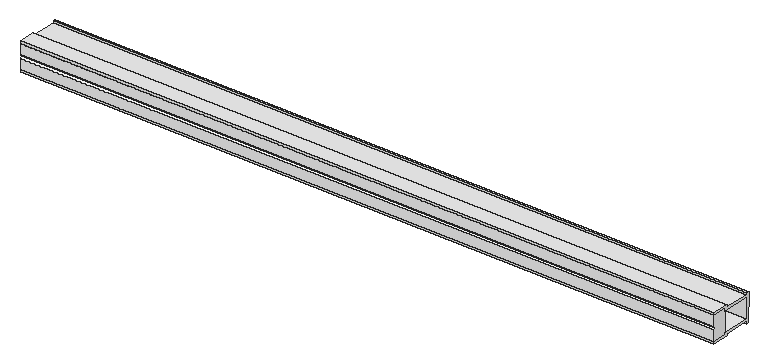
Revit family "4070758+4070746 Feilo Sylvania Lighting Fixture CURSUS 876MM 620LM OVAL LED 3K with CONTINUOUS WALL HOUSING", category Lighting Fixtures, host Face, Revit 2017
Family settings
  Host = Face
  Round Connector Dimension = Use Diameter
  Part Type = Normal
  OmniClass Number = 23.80.70.14
  OmniClass Title = Luminaries for External Lighting
  Cut with Voids When Loaded = Yes
  Light Source = Yes
  Shared = Yes
  Room Calculation Point = No
Parameters (values of type "4070758 CURSUS 876MM 620LM OVAL LED 3K")
  Width_FEILO = 35 mm
  Weight = "1.7 kg"
  Wattage Comments = "n/a"
  Wattage = 13.5 W
  WarrantyStartDate [instance] = "n/a"
  WarrantyGuarantorParts = "n/a"
  WarrantyDurationUnit = "n/a"
  WarrantyDurationParts = "n/a"
  WarrantyDescription = "n/a"
  WallThickness_FEILO = 2.5 mm
  built-in parameter 1150110 = 1 (stored number, unit not read)
  Voltage = 24 V
  URL = "http://www.sylvania-lighting.com"
  TypeName = "CURSUS 876MM 620LM OVAL LED 3K"
  Type Image = <None>
  Type Comments = "n/a"
  built-in parameter 1114217 = 1 (stored number, unit not read)
  Tilt Angle = -90.00°
  built-in parameter 1150109 = 1 (stored number, unit not read)
  built-in parameter 1150134 = (empty or 0)
  built-in parameter 1150113 = 1 (stored number, unit not read)
  SerialNumber [instance] = "n/a"
  ReflectorMaterial = none
  PowerFactor = 0
  PowerConsumption = "13.5 W"
  Photometric Web File = "4070758.ies"
  NominalLength = 876 mm
  NominalHeight = 50 mm
  NominalDepth = 30 mm
  Name = "CURSUS 876MM 620LM OVAL LED 3K"
  ModelReference = Name  # "CURSUS 876MM 620LM OVAL LED 3K"
  ModelNumber = "4070758"
  Model = Name  # "CURSUS 876MM 620LM OVAL LED 3K"
  Material = "natural anodised extruded aluminium structure housing, optical system with pmma lenses diffuser"
  ManufacturerName = "Feilo Sylvania"
  Manufacturer = "Feilo Sylvania"
  LuminousEfficacy = "45.92 lm/W"
  built-in parameter 1150105 = 874.55 (stored number, unit not read)
  Lumens = 620 lm
  LuminaireType = ""
  built-in parameter 1150115 = 1 (stored number, unit not read)
  LightOutputRatio = "100"
  built-in parameter 1150137 = (empty or 0)
  built-in parameter 1150139 = (empty or 0)
  Length_FEILO = 882 mm
  LampsType = Lamp  # "LED"
  LampNominalLuminous = "620 lm"
  LampMacAdamStep = "n/a"
  LampColourTemperature = "3000 K"
  LampColourRenderingIndex = "80"
  built-in parameter 1150112 = 1 (stored number, unit not read)
  built-in parameter 1150114 = 1 (stored number, unit not read)
  Lamp = "LED"
  Keynote = "16500"
  InstallationDate [instance] = "n/a"
  InputVoltage = "24V DC"
  InputNominalFrequency = "50/60 Hz"
  built-in parameter 1150132 = (empty or 0)
  built-in parameter 1150102 = (empty or 0)
  built-in parameter 1150107 = 3000 (stored number, unit not read)
  built-in parameter 1150138 = (empty or 0)
  IngressProtection = "IP67"
  ImpactProtectionIndex = "IK07"
  built-in parameter 1150106 = 8.7455 (stored number, unit not read)
  IfcExportType = "IfcLightFixtureType"
  IfcExportAs = "IfcLightFixtureType"
  ExpectedLife = 50000
  EndCapRight [instance] = no
  EndCapLeft [instance] = no
  Emit from Rectangle Width = Width_FEILO - WallThickness_FEILO * 2  # 30 mm
  Emit from Rectangle Length = Length_FEILO - WallThickness_FEILO * 2  # 877 mm
  Emit Shape Visible in Rendering = no
  ElectricShockClassification = "Class III"
  built-in parameter 1150104 = 4.2667 (stored number, unit not read)
  DurationUnit = "hours"
  DocumentationLiterature = "http://www.sylvania-lighting.com/product/en-int/products/4070758"
  DimmingControlOptions = "n/a"
  Dimming Lamp Color Temperature Shift = <None>
  DiffuserMaterial = Diffuser-Sylvania-Glow
  Description = "LED Exterior Lighting Recessed Surface Mounted Linear Fixture, Natural anodised extruded aluminium structure. Die-cast aluminium end caps. Installation kit with harmonic steel springs., 620 lm, 13,5W, 45lm/W, 3000K, CRI80+,non dimmable,IP67, IK07, (HxWxD) 876x50x30mm, 3 step Mac Adam Ellipse, 1.7kg,, Classe III, 21-25V-DC, energy class : A++, A+, A"
  Default Elevation = 1219.2 mm
  CreatedOn = "1/8/2018"
  CreatedBy = ""
  Cost = 0
  Color Filter = 16777215
  built-in parameter 1114216 [instance] = (empty or 0)
  ClassificationValue = "EF_70_80"
  ClassificationName = "Uniclass2015"
  BodyMaterial = Body-Sylvania-Gray
  BarCode [instance] = "n/a"
  built-in parameter 1114218 = 1 (stored number, unit not read)
  built-in parameter 1150133 = 10 (stored number, unit not read)
  AssetType = "Fixed"
  AssetIdentifier [instance] = "n/a"
  Assembly Code = "D5020200"
  Apparent Load = 13.5 VA
  AccessoryMaterial = Diffuser-Sylvania-Glow
Reference planes
  plane 1 "Center (Front/Back)": y = 0
  plane 2: z = 0
  plane 3 "Center (Left/Right)": x = 0
  plane 4: x = 441
  plane 5: x = -441
  plane 6: x = -438.5
  plane 7: x = 438.5
  plane 8: z = 35
  plane 9: z = 17.5
  plane 10: z = 32.5
  plane 11: z = 2.5
  plane 12: z = 30
  plane 13: z = 5
  plane 14: y = -55
  plane 15: y = -53
  plane 16: y = -2.5
  plane 17: y = -37
  plane 18: y = -34.5
Forms (mm)
  Extrusion 1, solid, material "Body-Sylvania-Gray" <- "BodyMaterial"
    sketch origin (0, 0, 0) x (0, 1, 0) y (0, 0, 1)
      loop
        line (0, 35) -> (-2.5, 35) -> (-2.5, 32.5) -> (-34.5, 32.5) -> (-34.5, 35) -> (-55, 35) -> (-55, 32.5) -> (-37, 32.5) -> (-37, 30) -> (-2.5, 30) -> (-2.5, 5) -> (-37, 5) -> (-37, 2.5) -> (-55, 2.5) -> (-55, 0) -> (-34.5, 0) -> (-34.5, 2.5) -> (-2.5, 2.5) -> (-2.5, 0) -> (0, 0) -> (0, 35)
    from -438.5 to 438.5
  Extrusion 2, solid, material "Diffuser-Sylvania-Glow" <- "DiffuserMaterial"
    sketch origin (0, 0, 0) x (0, 1, 0) y (0, 0, 1)
      loop
        line (-37, 32.5) -> (-55, 32.5) -> (-55, 19.5) -> (-53, 17.5) -> (-55, 15.5) -> (-55, 2.5) -> (-37, 2.5) -> (-37, 32.5)
    from -438.5 to 438.5
  Extrusion 3, solid, material "Body-Sylvania-Gray" <- "BodyMaterial", visible <- "EndCapRight"
    sketch origin (438.5, 1524, 1219.2) x (0, 1, 0) y (0, 0, 1)
      loop
        line (-1579, -1184.2) -> (-1579, -1219.2) -> (-1524, -1219.2) -> (-1524, -1184.2) -> (-1579, -1184.2)
    from 0 to 2.5
  Extrusion 4, solid, material "Body-Sylvania-Gray" <- "BodyMaterial", visible <- "EndCapLeft"
    sketch origin (-438.5, 1524, 1219.2) x (0, 1, 0) y (0, 0, 1)
      loop
        line (-1579, -1184.2) -> (-1579, -1219.2) -> (-1524, -1219.2) -> (-1524, -1184.2) -> (-1579, -1184.2)
    from -2.5 to 0
Dimensions and locks
  equal spacing: plane 5, plane 3 "Center (Left/Right)", plane 4
  "Length_FEILO": plane 5 to plane 4
  equal spacing: plane 6, plane 3 "Center (Left/Right)", plane 7
  "WallThickness_FEILO": plane 5 to plane 6
  locked: plane 9 to plane 2 at 17.5
  locked: plane 8 to plane 2 at 35
  equal spacing: plane 11, plane 9, plane 10
  equal spacing: plane 13, plane 9, plane 12
  "WallThickness_FEILO": plane 12 to plane 10
  locked: plane 14 to plane 15 at 2
  locked: plane 14 to plane 17 at 18
  "WallThickness_FEILO": plane 17 to plane 18
  "WallThickness_FEILO": plane 16 to plane 1 "Center (Front/Back)"
  locked: plane 15 to Extrusion 2 sketch curve (angle 45.00°)
  locked: Extrusion 2 sketch curve to plane 15 (angle 45.00°)
  aligned and locked: plane 2 to host face
  aligned and locked: level to host face
  aligned and locked: plane 1 "Center (Front/Back)" to Extrusion 1 sketch curve
  aligned and locked: Extrusion 1 sketch curve to plane 8  (x2)
  aligned and locked: plane 16 to Extrusion 1 sketch curve
  aligned and locked: host face to Extrusion 1 sketch curve
  aligned and locked: Extrusion 1 sketch curve to plane 16  (x2)
  aligned and locked: Extrusion 1 sketch curve to plane 11
  aligned and locked: plane 18 to Extrusion 1 sketch curve
  aligned and locked: level to Extrusion 1 sketch curve
  aligned and locked: plane 11 to Extrusion 1 sketch curve
  aligned and locked: Extrusion 1 sketch curve to plane 17
  aligned and locked: plane 13 to Extrusion 1 sketch curve
  aligned and locked: Extrusion 1 sketch curve to plane 12
  aligned and locked: plane 10 to Extrusion 1 sketch curve  (x2)
  aligned and locked: plane 17 to Extrusion 1 sketch curve  (x2)
  aligned and locked: plane 12 to Extrusion 1 sketch curve
  aligned and locked: Extrusion 1 sketch curve to plane 10
  aligned and locked: Extrusion 1 sketch curve to plane 18
  aligned and locked: plane 7 to Extrusion 1
  aligned and locked: Extrusion 1 to plane 6
  aligned and locked: Extrusion 2 sketch curve to Extrusion 1  (x4)
  aligned and locked: Extrusion 1 to Extrusion 2 sketch curve
  aligned and locked: plane 9 to Extrusion 2 sketch curve
  aligned and locked: plane 7 to Extrusion 2
  aligned and locked: Extrusion 2 to plane 6
  aligned and locked: Extrusion 3 sketch curve to Extrusion 1  (x4)
  aligned and locked: plane 4 to Extrusion 3
  aligned and locked: Extrusion 3 to plane 7
  aligned and locked: Extrusion 4 sketch curve to Extrusion 3  (x3)
  aligned and locked: Extrusion 4 sketch curve to Extrusion 1
  aligned and locked: Extrusion 4 to plane 5
  aligned and locked: plane 6 to Extrusion 4
  aligned and locked: plane 14 to imposter light
  aligned and locked: imposter light to plane 9
  aligned and locked: plane 3 "Center (Left/Right)" to imposter light
Automatic sketch dimensions
  host sketch curve to host sketch curve = 2438.4 mm  (x2)
  Extrusion 1 sketch curve to plane 14 = 0 mm  (x2)
  Extrusion 2 sketch curve to plane 15 = 0 mm
Connectors
  electrical at (0, 0, 0), driven by "Apparent Load", driven by "PowerFactor", driven by "Voltage"
    settings: index 1, voltage 24 V, apparent load 13.5 VA, apparent load phase1 0 VA, apparent load phase2 0 VA, apparent load phase3 0 VA, power factor 0, load classification "Lighting", number of poles 1, system type 30, power factor state 1, is connector primary yes, connector utility no, sub classification motor no, connector description ""
